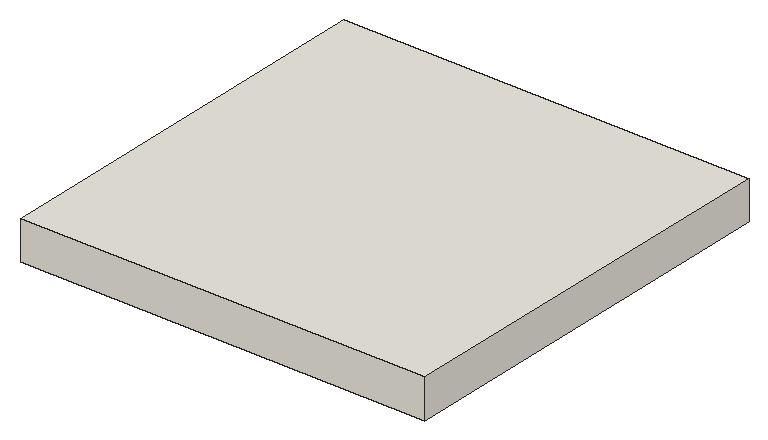
Revit family "UNIVERSAL", category Осветительные приборы, Revit 2019 (continued)
Types (12, lengths in mm): name | Файл фотометрической сетки | built-in parameter 1150105 | Lumens | built-in parameter 1150106 | built-in parameter 1150142 | Wattage | Emit from Rectangle Width | Emit from Rectangle Length | Длина | Ширина | ADSK_Ток | ADSK_Полная мощность | ADSK_Обозначение | ADSK_Номинальная мощность | ADSK_Наименование | ADSK_Код изделия
  CSVT Universal - 50/prisma 595x595х55 (IP20, 4000К) | "Светильник UNIVERSAL-50 PRISMA-(595х595).IES" | 342.18 (stored number, unit not read) | 4300 lm | 3.4218 (stored number, unit not read) | "IESNA:LM-63-95\r\n[TEST] Протокол №87\r\n[DATA] 01.08.2016\r\n[MORE] \r\n[MANUFAC] ЗАО \"Центрстройсвет\"\r\n[LUMCAT]  Светильник UNIVERSAL-50/PRISMA-(595х595)\r\n[LUMINAIRE]\r\n[LAMPCAT] Светодиоды\r\n[LAMP] Поток источника света (светодиодов) не известен\r\n[MORE] КСС приведена в абсолютных величинах кд\r\n[MORE] Вместо потока лампы, указан поток светильника.\r\nTILT=NONE\r\n1    4360 1.0 37 73 1 2 0.595 0.595 0.055\r\n1.0 1.0 51.1\r\n0.0 5.0 10.0 15.0 20.0 25.0 30.0 35.0 40.0 45.0 50.0 55.0 60.0 65.0 70.0 75.0 80.0 85.0 90.0 95.0 100.0 105.0 110.0 115.0 120.0 125.0 130.0 135.0 140.0 145.0 150.0 155.0 160.0 165.0 170.0 175.0 180.0\r\n0.0 5.0 10.0 15.0 20.0 25.0 30.0 35.0 40.0 45.0 50.0 55.0 60.0 65.0 70.0 75.0 80.0 85.0 90.0 95.0 100.0 105.0 110.0 115.0 120.0 125.0 130.0 135.0 140.0 145.0 150.0 155.0 160.0 165.0 170.0 175.0 180.0 185.0 190.0 195.0 200.0 205.0 210.0 215.0 220.0 225.0 230.0 235.0 240.0 245.0 250.0 255.0 260.0 265.0 270.0 275.0 280.0 285.0 290.0 295.0 300.0 305.0 310.0 315.0 320.0 325.0 330.0 335.0 340.0 345.0 350.0 355.0 360.0\r\n1668.7 1659.6 1629.6 1578.5 1506.9 1424.9 1328.8 1227.3 1103.9 991.5 866.9 745.1 621.0 501.1 379.2 267.2 163.9 67.3 3.7 0.0 0.0 0.0 0.0 0.0 0.0 0.0 0.0 0.0 0.0 0.0 0.0 0.0 0.0 0.0 0.0 0.0 0.0\r\n1668.7 1661.2 1627.4 1575.2 1509.7 1429.4 1327.7 1218.0 1105.0 985.9 869.3 744.6 622.5 498.8 379.1 267.9 162.9 68.6 3.2 0.0 0.0 0.0 0.0 0.0 0.0 0.0 0.0 0.0 0.0 0.0 0.0 0.0 0.0 0.0 0.0 0.0 0.0\r\n1668.7 1662.4 1628.3 1576.3 1510.5 1426.6 1332.1 1220.9 1109.0 994.6 869.0 748.3 623.0 500.7 379.9 267.3 162.3 69.8 3.0 0.0 0.0 0.0 0.0 0.0 0.0 0.0 0.0 0.0 0.0 0.0 0.0 0.0 0.0 0.0 0.0 0.0 0.0\r\n1668.7 1662.8 1628.0 1576.8 1512.4 1425.6 1334.9 1226.3 1114.2 993.5 867.6 746.9 625.4 500.4 379.6 266.7 161.7 69.6 2.9 0.0 0.0 0.0 0.0 0.0 0.0 0.0 0.0 0.0 0.0 0.0 0.0 0.0 0.0 0.0 0.0 0.0 0.0\r\n1668.7 1662.3 1629.5 1578.8 1506.4 1424.5 1327.6 1225.7 1113.2 992.2 870.2 744.3 620.6 498.0 379.5 267.1 162.0 69.0 3.3 0.0 0.0 0.0 0.0 0.0 0.0 0.0 0.0 0.0 0.0 0.0 0.0 0.0 0.0 0.0 0.0 0.0 0.0\r\n1668.7 1661.2 1629.2 1579.0 1511.2 1420.4 1326.5 1221.8 1112.1 991.1 870.4 745.3 620.4 499.7 379.3 267.1 161.7 68.5 3.5 0.0 0.0 0.0 0.0 0.0 0.0 0.0 0.0 0.0 0.0 0.0 0.0 0.0 0.0 0.0 0.0 0.0 0.0\r\n1668.7 1660.7 1629.1 1581.1 1507.8 1424.8 1330.7 1223.9 1112.1 989.2 868.6 742.9 623.2 497.4 380.5 265.6 161.7 67.8 3.9 0.0 0.0 0.0 0.0 0.0 0.0 0.0 0.0 0.0 0.0 0.0 0.0 0.0 0.0 0.0 0.0 0.0 0.0\r\n1668.7 1661.2 1631.6 1579.6 1505.1 1424.2 1331.2 1230.2 1114.2 991.2 870.0 745.9 623.4 499.0 378.9 265.2 161.9 67.5 4.0 0.0 0.0 0.0 0.0 0.0 0.0 0.0 0.0 0.0 0.0 0.0 0.0 0.0 0.0 0.0 0.0 0.0 0.0\r\n1668.7 1661.3 1630.3 1578.5 1510.3 1427.9 1328.6 1225.8 1110.1 989.9 871.4 746.5 622.7 497.3 380.8 263.9 161.9 67.8 3.6 0.0 0.0 0.0 0.0 0.0 0.0 0.0 0.0 0.0 0.0 0.0 0.0 0.0 0.0 0.0 0.0 0.0 0.0\r\n1668.7 1660.6 1628.6 1576.0 1506.0 1429.8 1329.6 1227.0 1109.6 993.6 870.8 745.7 621.0 501.1 379.5 265.7 160.9 68.9 2.9 0.0 0.0 0.0 0.0 0.0 0.0 0.0 0.0 0.0 0.0 0.0 0.0 0.0 0.0 0.0 0.0 0.0 0.0\r\n1668.7 1660.4 1628.5 1575.9 1512.0 1422.7 1328.8 1225.7 1115.5 996.2 875.1 748.0 619.7 498.5 379.9 265.4 159.9 69.2 2.8 0.0 0.0 0.0 0.0 0.0 0.0 0.0 0.0 0.0 0.0 0.0 0.0 0.0 0.0 0.0 0.0 0.0 0.0\r\n1668.7 1661.3 1629.0 1577.3 1514.4 1427.4 1334.2 1228.8 1113.3 993.9 873.5 746.4 624.5 497.9 380.3 265.8 161.1 68.5 3.4 0.0 0.0 0.0 0.0 0.0 0.0 0.0 0.0 0.0 0.0 0.0 0.0 0.0 0.0 0.0 0.0 0.0 0.0\r\n1668.7 1662.6 1627.2 1576.5 1509.8 1428.0 1332.8 1226.9 1112.7 992.9 870.6 748.0 626.4 500.5 380.5 265.5 161.9 67.8 4.2 0.0 0.0 0.0 0.0 0.0 0.0 0.0 0.0 0.0 0.0 0.0 0.0 0.0 0.0 0.0 0.0 0.0 0.0\r\n1668.7 1663.3 1627.2 1581.1 1513.2 1430.3 1333.6 1228.3 1114.5 996.7 872.4 750.0 624.4 501.4 381.7 265.5 162.8 68.1 4.3 0.0 0.0 0.0 0.0 0.0 0.0 0.0 0.0 0.0 0.0 0.0 0.0 0.0 0.0 0.0 0.0 0.0 0.0\r\n1668.7 1662.7 1630.2 1580.7 1513.1 1429.9 1334.6 1234.1 1119.3 997.5 875.3 750.4 626.6 500.7 381.4 267.0 162.7 68.9 4.1 0.0 0.0 0.0 0.0 0.0 0.0 0.0 0.0 0.0 0.0 0.0 0.0 0.0 0.0 0.0 0.0 0.0 0.0\r\n1668.7 1661.4 1630.9 1581.9 1512.1 1431.3 1333.4 1228.5 1120.1 998.8 876.8 752.8 626.7 501.8 383.2 267.3 162.1 70.2 3.9 0.0 0.0 0.0 0.0 0.0 0.0 0.0 0.0 0.0 0.0 0.0 0.0 0.0 0.0 0.0 0.0 0.0 0.0\r\n1668.7 1660.9 1630.4 1580.2 1513.1 1434.1 1338.6 1231.4 1117.0 1001.2 879.5 753.4 628.7 504.0 383.3 269.0 163.0 71.0 3.6 0.0 0.0 0.0 0.0 0.0 0.0 0.0 0.0 0.0 0.0 0.0 0.0 0.0 0.0 0.0 0.0 0.0 0.0\r\n1668.7 1661.4 1632.9 1581.5 1514.4 1429.4 1338.0 1234.4 1118.1 1001.5 880.2 754.5 629.1 505.6 383.3 268.4 163.5 71.1 4.3 0.0 0.0 0.0 0.0 0.0 0.0 0.0 0.0 0.0 0.0 0.0 0.0 0.0 0.0 0.0 0.0 0.0 0.0\r\n1668.7 1662.0 1633.6 1585.1 1515.5 1432.6 1345.5 1233.3 1119.3 1002.3 882.0 757.0 629.5 506.1 384.4 269.0 165.2 71.1 4.8 0.0 0.0 0.0 0.0 0.0 0.0 0.0 0.0 0.0 0.0 0.0 0.0 0.0 0.0 0.0 0.0 0.0 0.0\r\n1668.7 1662.9 1634.5 1583.6 1517.1 1433.6 1338.6 1232.1 1122.0 1004.8 879.5 758.3 630.8 509.2 384.4 270.3 166.1 71.4 5.1 0.0 0.0 0.0 0.0 0.0 0.0 0.0 0.0 0.0 0.0 0.0 0.0 0.0 0.0 0.0 0.0 0.0 0.0\r\n1668.7 1663.3 1634.3 1585.3 1515.9 1429.3 1341.9 1233.6 1121.4 1003.7 883.0 757.4 630.3 507.6 385.6 271.5 165.3 72.6 4.7 0.0 0.0 0.0 0.0 0.0 0.0 0.0 0.0 0.0 0.0 0.0 0.0 0.0 0.0 0.0 0.0 0.0 0.0\r\n1668.7 1662.6 1631.3 1581.3 1518.2 1440.3 1339.1 1231.7 1123.2 1004.3 882.1 755.6 631.9 509.1 386.7 273.0 166.2 74.3 4.4 0.0 0.0 0.0 0.0 0.0 0.0 0.0 0.0 0.0 0.0 0.0 0.0 0.0 0.0 0.0 0.0 0.0 0.0\r\n1668.7 1661.6 1631.6 1584.9 1515.1 1435.2 1345.1 1231.2 1125.1 1005.8 881.5 759.3 633.4 507.7 388.2 274.2 166.7 75.3 4.4 0.0 0.0 0.0 0.0 0.0 0.0 0.0 0.0 0.0 0.0 0.0 0.0 0.0 0.0 0.0 0.0 0.0 0.0\r\n1668.7 1661.3 1629.8 1583.2 1518.0 1436.1 1343.1 1236.5 1124.5 1007.8 885.1 762.0 631.3 508.5 389.6 274.9 167.6 76.6 4.5 0.0 0.0 0.0 0.0 0.0 0.0 0.0 0.0 0.0 0.0 0.0 0.0 0.0 0.0 0.0 0.0 0.0 0.0\r\n1668.7 1661.1 1631.8 1584.3 1520.8 1431.4 1341.9 1236.5 1125.9 1005.6 883.6 759.8 635.7 509.5 389.7 275.2 170.0 76.9 5.2 0.0 0.0 0.0 0.0 0.0 0.0 0.0 0.0 0.0 0.0 0.0 0.0 0.0 0.0 0.0 0.0 0.0 0.0\r\n1668.7 1660.8 1630.9 1584.0 1515.0 1434.2 1337.6 1237.3 1125.4 1008.7 881.4 761.3 636.6 511.6 391.7 275.7 171.1 77.4 6.1 0.0 0.0 0.0 0.0 0.0 0.0 0.0 0.0 0.0 0.0 0.0 0.0 0.0 0.0 0.0 0.0 0.0 0.0\r\n1668.7 1660.2 1629.8 1586.2 1518.6 1437.5 1343.0 1239.8 1126.1 1008.2 885.0 760.6 633.6 512.5 392.7 277.9 172.8 77.8 6.6 0.0 0.0 0.0 0.0 0.0 0.0 0.0 0.0 0.0 0.0 0.0 0.0 0.0 0.0 0.0 0.0 0.0 0.0\r\n1668.7 1659.3 1629.8 1584.4 1520.0 1438.3 1342.3 1237.8 1127.1 1007.7 886.2 762.4 636.5 512.8 393.7 277.8 173.5 79.2 6.6 0.0 0.0 0.0 0.0 0.0 0.0 0.0 0.0 0.0 0.0 0.0 0.0 0.0 0.0 0.0 0.0 0.0 0.0\r\n1668.7 1659.5 1632.5 1582.9 1515.2 1434.5 1343.2 1240.3 1130.5 1008.9 886.6 763.3 639.8 516.7 393.6 280.0 174.3 80.5 6.4 0.0 0.0 0.0 0.0 0.0 0.0 0.0 0.0 0.0 0.0 0.0 0.0 0.0 0.0 0.0 0.0 0.0 0.0\r\n1668.7 1660.6 1633.6 1583.4 1521.9 1437.2 1339.0 1243.0 1126.8 1005.9 885.7 761.7 641.5 514.3 394.8 282.5 175.1 81.9 6.4 0.0 0.0 0.0 0.0 0.0 0.0 0.0 0.0 0.0 0.0 0.0 0.0 0.0 0.0 0.0 0.0 0.0 0.0\r\n1668.7 1661.9 1633.3 1583.1 1518.6 1441.1 1347.9 1241.2 1129.6 1008.1 887.8 763.3 639.7 515.0 394.5 283.1 175.2 83.0 6.6 0.0 0.0 0.0 0.0 0.0 0.0 0.0 0.0 0.0 0.0 0.0 0.0 0.0 0.0 0.0 0.0 0.0 0.0\r\n1668.7 1662.6 1633.8 1583.4 1517.5 1439.9 1346.9 1241.5 1130.6 1011.3 889.6 762.3 641.5 518.0 396.2 283.9 177.7 83.3 7.5 0.0 0.0 0.0 0.0 0.0 0.0 0.0 0.0 0.0 0.0 0.0 0.0 0.0 0.0 0.0 0.0 0.0 0.0\r\n1668.7 1662.6 1630.0 1583.8 1520.2 1440.2 1348.3 1244.1 1128.3 1010.9 888.2 764.5 641.5 519.8 397.5 284.5 178.8 83.2 8.7 0.0 0.0 0.0 0.0 0.0 0.0 0.0 0.0 0.0 0.0 0.0 0.0 0.0 0.0 0.0 0.0 0.0 0.0\r\n1668.7 1661.9 1631.2 1584.4 1518.9 1439.5 1345.4 1242.3 1129.4 1012.6 892.2 766.9 641.9 519.4 398.3 284.8 180.9 83.6 9.7 0.0 0.0 0.0 0.0 0.0 0.0 0.0 0.0 0.0 0.0 0.0 0.0 0.0 0.0 0.0 0.0 0.0 0.0\r\n1668.7 1661.1 1632.0 1581.0 1519.1 1440.1 1350.1 1240.6 1129.2 1009.7 891.6 764.6 642.3 519.8 399.9 285.2 182.1 83.7 10.3 0.0 0.0 0.0 0.0 0.0 0.0 0.0 0.0 0.0 0.0 0.0 0.0 0.0 0.0 0.0 0.0 0.0 0.0\r\n1668.7 1660.5 1631.5 1582.3 1514.8 1437.8 1345.1 1242.3 1131.3 1009.2 889.4 767.8 641.5 521.6 398.4 285.1 181.6 83.3 10.1 0.0 0.0 0.0 0.0 0.0 0.0 0.0 0.0 0.0 0.0 0.0 0.0 0.0 0.0 0.0 0.0 0.0 0.0\r\n1668.7 1659.9 1631.9 1580.6 1517.4 1441.2 1343.3 1236.6 1129.9 1011.1 888.6 766.5 641.0 518.5 398.4 284.8 180.9 83.2 9.4 0.0 0.0 0.0 0.0 0.0 0.0 0.0 0.0 0.0 0.0 0.0 0.0 0.0 0.0 0.0 0.0 0.0 0.0\r\n1668.7 1659.2 1631.0 1583.9 1516.4 1436.4 1344.4 1234.8 1122.9 1010.4 889.9 763.9 642.8 519.5 398.3 285.1 180.1 83.1 8.4 0.0 0.0 0.0 0.0 0.0 0.0 0.0 0.0 0.0 0.0 0.0 0.0 0.0 0.0 0.0 0.0 0.0 0.0\r\n1668.7 1658.8 1630.0 1581.5 1516.1 1439.5 1344.9 1236.0 1129.2 1012.1 888.0 764.5 640.0 517.9 398.2 284.4 178.4 82.8 7.7 0.0 0.0 0.0 0.0 0.0 0.0 0.0 0.0 0.0 0.0 0.0 0.0 0.0 0.0 0.0 0.0 0.0 0.0\r\n1668.7 1658.2 1627.9 1581.5 1522.0 1437.5 1344.1 1236.7 1129.2 1009.5 886.6 765.9 643.0 517.8 399.4 285.0 178.9 83.8 7.5 0.0 0.0 0.0 0.0 0.0 0.0 0.0 0.0 0.0 0.0 0.0 0.0 0.0 0.0 0.0 0.0 0.0 0.0\r\n1668.7 1656.2 1627.9 1581.3 1515.2 1433.6 1344.5 1242.0 1127.7 1010.5 888.1 765.4 642.0 517.4 398.9 284.5 178.2 83.6 7.5 0.0 0.0 0.0 0.0 0.0 0.0 0.0 0.0 0.0 0.0 0.0 0.0 0.0 0.0 0.0 0.0 0.0 0.0\r\n1668.7 1654.2 1626.3 1579.8 1518.5 1437.8 1348.4 1243.3 1129.5 1011.7 889.2 763.0 641.8 518.9 399.0 283.8 178.9 83.7 7.8 0.0 0.0 0.0 0.0 0.0 0.0 0.0 0.0 0.0 0.0 0.0 0.0 0.0 0.0 0.0 0.0 0.0 0.0\r\n1668.7 1654.4 1627.5 1585.2 1518.5 1441.8 1344.2 1236.5 1124.2 1008.1 886.6 766.4 640.3 518.9 398.2 283.2 178.5 83.1 8.0 0.0 0.0 0.0 0.0 0.0 0.0 0.0 0.0 0.0 0.0 0.0 0.0 0.0 0.0 0.0 0.0 0.0 0.0\r\n1668.7 1655.6 1629.5 1583.3 1519.0 1435.4 1345.8 1240.6 1124.7 1007.5 887.5 762.2 642.6 517.4 397.5 282.1 178.5 82.4 7.9 0.0 0.0 0.0 0.0 0.0 0.0 0.0 0.0 0.0 0.0 0.0 0.0 0.0 0.0 0.0 0.0 0.0 0.0\r\n1668.7 1656.2 1629.1 1584.8 1517.3 1437.3 1343.2 1237.3 1123.2 1010.7 887.7 764.4 640.6 518.5 397.0 282.4 177.7 82.4 7.8 0.0 0.0 0.0 0.0 0.0 0.0 0.0 0.0 0.0 0.0 0.0 0.0 0.0 0.0 0.0 0.0 0.0 0.0\r\n1668.7 1656.9 1629.9 1580.4 1522.0 1437.4 1343.8 1240.0 1123.8 1006.0 886.4 764.7 639.8 516.7 398.3 281.7 176.2 81.9 7.7 0.0 0.0 0.0 0.0 0.0 0.0 0.0 0.0 0.0 0.0 0.0 0.0 0.0 0.0 0.0 0.0 0.0 0.0\r\n1668.7 1658.0 1629.7 1580.8 1515.8 1440.3 1344.5 1242.2 1125.3 1007.7 887.4 762.0 640.4 517.1 396.7 282.7 175.2 81.7 7.8 0.0 0.0 0.0 0.0 0.0 0.0 0.0 0.0 0.0 0.0 0.0 0.0 0.0 0.0 0.0 0.0 0.0 0.0\r\n1668.7 1658.3 1628.3 1584.2 1519.0 1435.6 1341.0 1240.8 1123.6 1007.9 888.6 767.0 638.3 516.4 396.2 280.4 174.7 81.2 7.7 0.0 0.0 0.0 0.0 0.0 0.0 0.0 0.0 0.0 0.0 0.0 0.0 0.0 0.0 0.0 0.0 0.0 0.0\r\n1668.7 1658.0 1628.5 1579.9 1515.9 1435.1 1341.0 1239.2 1124.3 1011.8 887.9 763.8 643.3 515.0 395.6 280.7 175.8 80.1 7.7 0.0 0.0 0.0 0.0 0.0 0.0 0.0 0.0 0.0 0.0 0.0 0.0 0.0 0.0 0.0 0.0 0.0 0.0\r\n1668.7 1657.5 1628.1 1579.6 1518.8 1436.1 1340.4 1235.7 1127.5 1007.0 885.1 759.1 638.8 515.0 393.4 278.9 174.5 78.8 7.5 0.0 0.0 0.0 0.0 0.0 0.0 0.0 0.0 0.0 0.0 0.0 0.0 0.0 0.0 0.0 0.0 0.0 0.0\r\n1668.7 1657.0 1625.7 1579.0 1514.0 1433.2 1339.4 1239.2 1125.1 1008.5 884.4 764.4 639.1 515.7 395.3 279.0 174.1 78.0 7.1 0.0 0.0 0.0 0.0 0.0 0.0 0.0 0.0 0.0 0.0 0.0 0.0 0.0 0.0 0.0 0.0 0.0 0.0\r\n1668.7 1656.8 1625.2 1580.6 1513.1 1433.9 1342.3 1235.0 1126.8 1009.8 885.0 762.5 638.9 512.6 393.6 277.5 172.5 77.8 6.6 0.0 0.0 0.0 0.0 0.0 0.0 0.0 0.0 0.0 0.0 0.0 0.0 0.0 0.0 0.0 0.0 0.0 0.0\r\n1668.7 1656.8 1627.8 1580.8 1513.7 1434.0 1335.2 1233.8 1121.4 1003.6 884.8 758.7 637.3 512.3 392.7 278.6 170.9 77.5 6.1 0.0 0.0 0.0 0.0 0.0 0.0 0.0 0.0 0.0 0.0 0.0 0.0 0.0 0.0 0.0 0.0 0.0 0.0\r\n1668.7 1656.8 1629.9 1577.7 1513.8 1429.7 1337.2 1236.1 1122.5 1004.8 883.2 759.4 635.3 513.8 390.9 276.8 170.0 76.4 6.2 0.0 0.0 0.0 0.0 0.0 0.0 0.0 0.0 0.0 0.0 0.0 0.0 0.0 0.0 0.0 0.0 0.0 0.0\r\n1668.7 1656.7 1627.5 1580.0 1511.9 1430.7 1335.1 1234.3 1121.9 1000.4 882.1 758.5 634.2 511.4 390.0 275.2 169.6 74.9 6.3 0.0 0.0 0.0 0.0 0.0 0.0 0.0 0.0 0.0 0.0 0.0 0.0 0.0 0.0 0.0 0.0 0.0 0.0\r\n1668.7 1656.5 1626.1 1578.7 1510.7 1428.4 1336.1 1231.6 1119.3 1002.4 880.3 756.9 630.8 509.4 387.4 274.5 169.3 73.9 6.1 0.0 0.0 0.0 0.0 0.0 0.0 0.0 0.0 0.0 0.0 0.0 0.0 0.0 0.0 0.0 0.0 0.0 0.0\r\n1668.7 1656.9 1624.1 1580.0 1512.5 1431.8 1335.0 1232.8 1114.5 1002.0 879.2 756.5 632.7 509.9 388.3 274.3 168.5 73.9 5.2 0.0 0.0 0.0 0.0 0.0 0.0 0.0 0.0 0.0 0.0 0.0 0.0 0.0 0.0 0.0 0.0 0.0 0.0\r\n1668.7 1657.4 1627.3 1577.5 1510.5 1428.0 1332.2 1231.2 1119.0 996.8 878.1 754.9 631.3 509.5 386.3 273.5 167.4 73.9 4.4 0.0 0.0 0.0 0.0 0.0 0.0 0.0 0.0 0.0 0.0 0.0 0.0 0.0 0.0 0.0 0.0 0.0 0.0\r\n1668.7 1656.8 1624.9 1575.0 1510.9 1425.4 1341.0 1231.7 1112.8 998.9 876.4 756.1 630.3 506.5 387.6 272.4 166.6 73.7 3.9 0.0 0.0 0.0 0.0 0.0 0.0 0.0 0.0 0.0 0.0 0.0 0.0 0.0 0.0 0.0 0.0 0.0 0.0\r\n1668.7 1655.8 1625.5 1580.8 1509.5 1427.9 1329.8 1230.8 1113.9 997.0 874.1 755.5 630.5 505.8 386.3 271.1 165.5 73.5 3.5 0.0 0.0 0.0 0.0 0.0 0.0 0.0 0.0 0.0 0.0 0.0 0.0 0.0 0.0 0.0 0.0 0.0 0.0\r\n1668.7 1656.1 1623.0 1574.0 1511.3 1429.9 1329.1 1228.2 1114.2 1000.1 875.4 750.0 628.4 506.5 385.2 270.5 165.5 72.6 3.7 0.0 0.0 0.0 0.0 0.0 0.0 0.0 0.0 0.0 0.0 0.0 0.0 0.0 0.0 0.0 0.0 0.0 0.0\r\n1668.7 1656.9 1622.4 1577.6 1509.1 1425.1 1334.0 1226.9 1113.2 993.4 874.4 751.8 626.8 504.9 383.8 270.3 165.2 71.7 3.7 0.0 0.0 0.0 0.0 0.0 0.0 0.0 0.0 0.0 0.0 0.0 0.0 0.0 0.0 0.0 0.0 0.0 0.0\r\n1668.7 1657.2 1623.8 1573.4 1509.9 1426.8 1331.5 1226.4 1115.4 997.4 876.1 749.4 624.5 503.0 383.8 268.8 164.8 70.5 3.8 0.0 0.0 0.0 0.0 0.0 0.0 0.0 0.0 0.0 0.0 0.0 0.0 0.0 0.0 0.0 0.0 0.0 0.0\r\n1668.7 1657.1 1623.9 1576.3 1508.3 1422.8 1331.0 1223.5 1111.1 993.9 873.1 748.4 624.8 501.7 382.2 268.4 163.8 70.0 3.4 0.0 0.0 0.0 0.0 0.0 0.0 0.0 0.0 0.0 0.0 0.0 0.0 0.0 0.0 0.0 0.0 0.0 0.0\r\n1668.7 1657.0 1623.0 1575.4 1509.9 1424.6 1327.4 1223.7 1110.2 991.6 867.9 747.3 621.9 501.1 382.3 267.9 163.9 70.1 2.9 0.0 0.0 0.0 0.0 0.0 0.0 0.0 0.0 0.0 0.0 0.0 0.0 0.0 0.0 0.0 0.0 0.0 0.0\r\n1668.7 1656.6 1625.1 1575.3 1504.9 1426.3 1331.8 1226.1 1114.0 992.9 868.4 743.8 622.4 501.4 380.5 268.5 162.3 70.1 2.3 0.0 0.0 0.0 0.0 0.0 0.0 0.0 0.0 0.0 0.0 0.0 0.0 0.0 0.0 0.0 0.0 0.0 0.0\r\n1668.7 1656.6 1626.1 1575.6 1504.6 1423.4 1325.1 1217.7 1110.8 992.0 869.7 744.9 622.1 498.7 379.6 266.8 161.5 69.8 2.1 0.0 0.0 0.0 0.0 0.0 0.0 0.0 0.0 0.0 0.0 0.0 0.0 0.0 0.0 0.0 0.0 0.0 0.0\r\n1668.7 1657.3 1627.5 1573.3 1509.3 1423.6 1329.5 1220.0 1107.8 992.0 870.1 744.3 623.3 498.1 378.6 266.8 161.6 69.0 2.5 0.0 0.0 0.0 0.0 0.0 0.0 0.0 0.0 0.0 0.0 0.0 0.0 0.0 0.0 0.0 0.0 0.0 0.0\r\n1668.7 1658.4 1625.7 1573.2 1504.9 1428.5 1325.0 1222.6 1105.0 990.6 867.2 742.8 618.6 497.5 379.6 266.3 162.1 68.1 3.0 0.0 0.0 0.0 0.0 0.0 0.0 0.0 0.0 0.0 0.0 0.0 0.0 0.0 0.0 0.0 0.0 0.0 0.0\r\n1668.7 1659.3 1624.8 1578.5 1504.1 1419.4 1331.2 1218.6 1102.9 988.4 864.2 740.2 617.2 498.2 377.7 265.6 162.3 66.9 3.4 0.0 0.0 0.0 0.0 0.0 0.0 0.0 0.0 0.0 0.0 0.0 0.0 0.0 0.0 0.0 0.0 0.0 0.0\r\n1668.7 1659.3 1625.5 1576.3 1507.4 1423.9 1326.0 1220.1 1107.7 988.1 868.5 741.8 618.9 498.1 376.8 265.2 162.8 66.1 3.7 0.0 0.0 0.0 0.0 0.0 0.0 0.0 0.0 0.0 0.0 0.0 0.0 0.0 0.0 0.0 0.0 0.0 0.0\r\n1668.7 1659.0 1626.8 1576.9 1509.5 1426.9 1322.3 1223.2 1109.3 991.4 866.9 742.6 618.9 498.0 376.9 265.0 163.5 66.5 3.9 0.0 0.0 0.0 0.0 0.0 0.0 0.0 0.0 0.0 0.0 0.0 0.0 0.0 0.0 0.0 0.0 0.0 0.0\r\n1668.7 1659.6 1629.6 1578.5 1506.9 1424.9 1328.8 1227.3 1103.9 991.5 866.9 745.1 621.0 501.1 379.2 267.2 163.9 67.3 3.7 0.0 0.0 0.0 0.0 0.0 0.0 0.0 0.0 0.0 0.0 0.0 0.0 0.0 0.0 0.0 0.0 0.0 0.0\r\n" | 28.948 W | 555 | 555 | 595 | 595 | 0.226843 A | 52.1739 VA | "CSVT Universal - 50/prisma 595x595х55 (IP20, 4000К)" | 48 W | "Универсальный светодиодный светильник CSVT Universal - 50/prisma 595x595х55 (IP20, 4000К)" | "
    ЦБ000007897"
